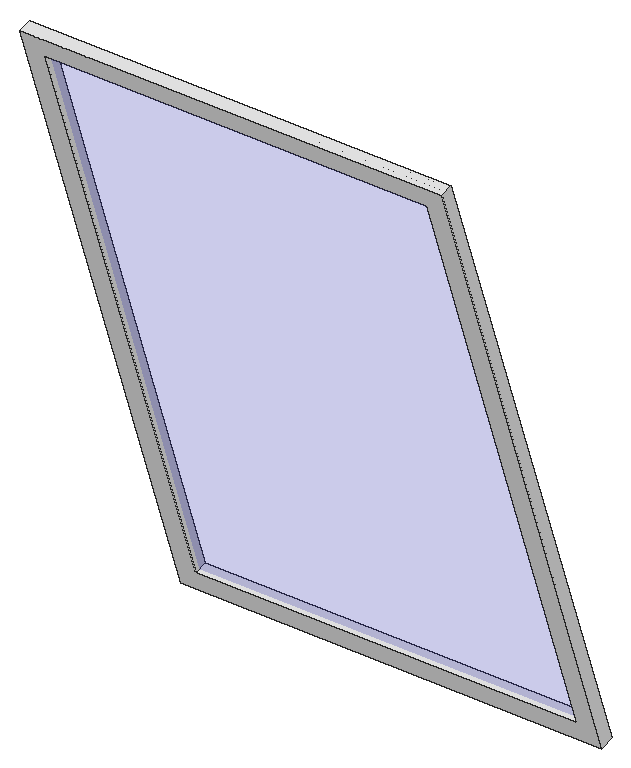
Revit family
Parameters
  열린창높이 [instance] = 높이  # 2438.4 mm
  두께 = 20 mm
  높이 [instance] = 2438.4 mm
Reference planes
  plane 1 "Center (Front/Right)": y = 0
  plane 2: z = 0
  plane 3 "Center (Left/Right)": x = 0
  plane 4 "Left": x = -831.877
  plane 5 "Right": x = 831.877
  plane 6 "Top": z = 2438.4
  plane 7 "오픈창": through (-2495.631, 0, 0) normal (0, 0.9455, 0.3256)
  plane 8: through (-2495.631, 3.349, 2580.055) normal (0, -0.3256, 0.9455)
Forms (mm)
  Extrusion 1, solid, material "Glass"
    sketch origin (0, 0, 0) x (0, 1, 0) y (0, 0, 1)
      loop
        line (-784.41, 2308.808) -> (-803.321, 2302.297) -> (-9.455, -3.256) -> (9.455, 3.256) -> (-784.41, 2308.808)
    from -831.877 to 831.877
  Sweep 2, solid, material "glass_metal"
    path in 3D
      loop
        line (-831.877, -784.41, 2308.808) -> (-831.877, 9.455, 3.256) -> (831.877, 9.455, 3.256) -> (831.877, -784.41, 2308.808) -> (-831.877, -784.41, 2308.808)
    profile origin (0, -784.41, 2308.808) x (0, -0.945519, -0.325568) y (0, -0.325568, 0.945519)
      loop
        line (-9.773, -74.804) -> (40.227, -74.804) -> (40.227, 3.613) -> (-9.773, 3.613) -> (-9.773, -74.804)
Lines and regions (mm)
  sketch lines
    curve 1: line (831.877, -784.41, 2308.808) -> (-831.877, -784.41, 2308.808)
    curve 2: line (831.877, 9.455, 3.256) -> (831.877, -784.41, 2308.808)
    curve 3: line (-831.877, -784.41, 2308.808) -> (-831.877, 9.455, 3.256)
    curve 4: line (831.877, 9.455, 3.256) -> (-831.877, 9.455, 3.256)
Text (mm)
  text "Exterior" at (-1654.078, 797.241, 0), in view "Ref. Level"
Dimensions and locks
  equal spacing: plane 4 "Left", plane 3 "Center (Left/Right)", plane 5 "Right"
  "높이": level to plane 6 "Top"
  equal spacing: Extrusion 1 sketch curve, plane 7 "오픈창", Extrusion 1 sketch curve
  "두께": Extrusion 1 sketch curve to Extrusion 1 sketch curve
  "열린창높이": Extrusion 1 to plane 8
  aligned and locked: Extrusion 1 to plane 5 "Right"
  aligned and locked: plane 4 "Left" to Extrusion 1
Automatic sketch dimensions
  Extrusion 1 sketch curve to plane 8 = 0 mm
  level to Extrusion 1 sketch curve = 3.256 mm
  profile plane to Sweep 2 sketch curve = 3.613 mm
  profile plane to Sweep 2 sketch curve = 9.773 mm
  Sweep 2 sketch curve to profile plane = 40.227 mm
  Sweep 2 sketch curve to profile plane = 74.804 mm
